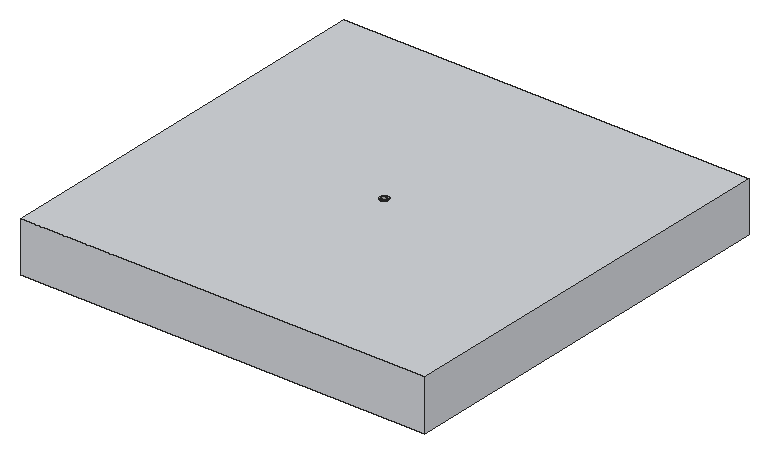
Revit family "Detector-DETECT-X_-P.v2", category Equipos especializados, Revit 2018
Family settings
  Anfitrión = Cara
  Cota de conector redondo = Diámetro de uso
  Tipo de pieza = Normal
  Corte con vacíos al cargar = No
  Compartido = No
  Punto de cálculo de habitación = No
Parameters (values of type "ZN1IO-DETECT-X")
  Width = 3 mm  # constant formula
  Weight = "25g"  # constant formula
  URL = "http://www.zennio.com/en"
  Storage temperature = "-20ºC to +70ºC"  # constant formula
  Storage humidity = if(Constraints = 0, "3 to 95% RH (no condensation)", "30 to 85% RH (no condensation)")  # "30 to 85% RH (no condensation)"
  Radius = 24.5 mm  # constant formula
  Product Page URL = "http://www.zennio.com/products/sensors/motion-detector-x"
  PCB CTI index = "175 V"  # constant formula
  Operating temperature = "0ºC to +55ºC"  # constant formula
  Operating humidity = if(Constraints = 0, "3 to 95% RH (no condensation)", "30 to 85% RH (no condensation)")  # "30 to 85% RH (no condensation)"
  Modelo = if(Constraints = 0, "ZN1IO-DETECT-P", "ZN1IO-DETECT-X")  # "ZN1IO-DETECT-X"
  Max cable length = "30 meters (Zennio device inputs specification. Look up compatible devices)"  # constant formula
  Manufacturer Phone Number = "+34 925 232 002"  # constant formula
  Manufacturer Email = "info@zennio.com"  # constant formula
  Manufacturer Address = "C/ Río Jarama, 132. Nave P-8.11. 45007 Toledo. España"  # constant formula
  Luminosity range = if(Constraints = 0, "TBD", "Not available")  # "Not available"
  Lens_radius = 10.3 mm  # constant formula
  Lens material = PE-HD_lens
  Internal_radius = 17.5 mm  # constant formula
  Housing material = PC/ABS FR V0 halogen free - Silver
  Fabricante = "Zennio Avance y Tecnología, S.L."  # constant formula
  External power supply = "Provide by the external device through the common terminal"  # constant formula
  Default Elevation = 1219.2 mm
  Detection_distance_Y_Height_5m = if(Constraints = 0, 11600 mm, 10360 mm)  # 10360 mm
  Detection_distance_Y_Height_2.7m = if(Constraints = 0, 6260 mm, 5590 mm)  # 5590 mm
  Detection_distance_X_Height_5m = if(Constraints = 0, 13800 mm, 12350 mm)  # 12350 mm
  Detection_distance_X_Height_2.7m = if(Constraints = 0, 7450 mm, 6670 mm)  # 6670 mm
  Detection angle axe Y = if(Constraints = 0, 46.30°, 46.00°)  # 46.00°
  Detection angle axe X = if(Constraints = 0, 51.30°, 51.00°)  # 51.00°
  Descripción = if(Constraints = 0, "Motion detector with luminosity sensor", "Motion detector")  # "Motion detector"
  Depth = 17 mm  # constant formula
  Degree of protection = "IP 20, clean environment"  # constant formula
  Copyright = "© 2017 Zennio Avance y Tecnología, S.L."  # constant formula
  Consumption (stand-by) = "15μA "  # constant formula
  Consumption (detecting status) = "1mA"  # constant formula
  Constraints = 1
  Connection type = "Screw terminal clamp"  # constant formula
  Cable section = "0.15mm² to 1 mm² (Zennio device inputs specification. Look up compatible devices)"  # constant formula
Types (3, lengths in mm): name | Storage humidity | Product Page URL | Operating humidity | Modelo | Luminosity range | Detection_distance_Y_Height_5m | Detection_distance_Y_Height_2.7m | Detection_distance_X_Height_5m | Detection_distance_X_Height_2.7m | Detection angle axe Y | Detection angle axe X | Descripción | Constraints
  (no name) | "30 to 85% RH (no condensation)" | "http://www.zennio.com/products/sensors/motion-detector-x" | "30 to 85% RH (no condensation)" | "ZN1IO-DETECT-X" | "Not available" | 10360 | 5590 | 12350 | 6670 | 46.00° | 51.00° | "Motion detector" | 1
  ZN1IO-DETECT-X | "30 to 85% RH (no condensation)" | "http://www.zennio.com/products/sensors/motion-detector-x" | "30 to 85% RH (no condensation)" | "ZN1IO-DETECT-X" | "Not available" | 10360 | 5590 | 12350 | 6670 | 46.00° | 51.00° | "Motion detector" | 1
  ZN1IO-DETECT-P | "3 to 95% RH (no condensation)" | "http://www.zennio.com/products/sensors/motion-detector" | "3 to 95% RH (no condensation)" | "ZN1IO-DETECT-P" | "TBD" | 11600 | 6260 | 13800 | 7450 | 46.30° | 51.30° | "Motion detector with luminosity sensor" | 0
Reference planes
  plane 1 "Centro (Frontal/Posterior)": y = 0
  plane 2: z = 0
  plane 3 "Centro (Izquierda/Derecha)": x = 0
  plane 4 "body center": x = -10.346
  plane 5 "sup body": z = 1.265
  plane 6 "inf body": z = 2.928
  plane 7 "lens_ref": z = 2.928
  plane 8: z = 1.265
  plane 9: z = 0
  plane 10: z = -17
  plane 11: x = -24.5
  plane 12 "lens": x = 10.3
  plane 13: z = -58.037
  plane 14 "LED": x = -13.349
  plane 15 "LED_center": x = -10.782
  plane 16 "internal_radius": x = 17.5
Forms (mm)
  Extrusion 1, solid
    sketch origin (0, 0, 0) x (1, 0, 0) y (0, 1, 0)
      loop
        line (-1219.2, 1219.2) -> (-1219.2, -1219.2) -> (1219.2, -1219.2) -> (1219.2, 1219.2) -> (-1219.2, 1219.2)
    from 0 to -304.8
  Revolve 2, solid, material "PC/ABS FR V0 halogen free - Silver" <- "Housing material"
    sketch origin (-199.03, 0, 232.437) x (1, 0, 0) y (0, 0, -1)
      loop
        line (199.03, 232.437) -> (174.541, 232.437) -> (174.541, 231.172)
        arc (174.541, 231.172) -> (181.564, 229.926) -> (188.684, 229.509) r 60.965
        line (188.684, 229.509) -> (199.03, 229.509) -> (199.03, 232.437)
      axis (199.03, 229.509) -> (199.03, 232.437)
    angle from 0 to 360
  Revolve 3, solid, material "PE-HD_lens" <- "Lens material", detail levels fine
    sketch origin (-199.077, -8.35, 232.528) x (1, 0, 0) y (0, 0, -1)
      loop
        line (188.295, 229.514) -> (188.295, 231.263) -> (185.728, 231.263) -> (185.728, 229.6)
        arc (185.728, 229.6) -> (187.011, 229.543) -> (188.295, 229.514) r 60.843
      axis (188.297, 231.263) -> (188.297, 229.514)
    angle from 0 to 360
  Extrusion 4, solid, material "PC/ABS FR V0 halogen free - Silver" <- "Housing material"
    sketch origin (0, 0, 0) x (1, 0, 0) y (0, 1, 0)
      loop
        circle (0, 0) r 17.5
    from -17 to 0
  Revolve 5, solid, material "PE-HD_lens" <- "Lens material"
    sketch origin (0, 0, 0) x (1, 0, 0) y (0, 0, 1)
      loop
        arc (10.3, 2.928) -> (6.454, 8.545) -> (0, 10.708) r 10.708
        line (0, 10.708) -> (0, 2.928) -> (10.3, 2.928)
      axis (0, 10.708) -> (0, 2.928)
    angle from 0 to 360
Lines and regions (mm)
  reference lines
    curve 1: circle (0, 0, 0) r 10.3 normal (0, 0, 1)
    curve 2: circle (0, 0, 0) r 17.5 normal (0, 0, 1)
    curve 3: circle (0, 0, 0) r 24.5 normal (0, 0, 1)
Dimensions and locks
  plane 4 "body center" to plane 3 "Centro (Izquierda/Derecha)" = 10.346 mm
  "Radius": plane 11 to plane 3 "Centro (Izquierda/Derecha)"  (x2)
  "Lens_radius": plane 3 "Centro (Izquierda/Derecha)" to plane 12 "lens"  (x2)
  locked: plane 14 "LED" to plane 15 "LED_center" at 2.567
  locked: plane 15 "LED_center" to plane 3 "Centro (Izquierda/Derecha)" at 10.782  (x2)
  "Depth": Extrusion 1 to plane 10
  locked: plane 7 "lens_ref" to Extrusion 1 at 2.928
  "Internal_radius": plane 16 "internal_radius" to plane 3 "Centro (Izquierda/Derecha)"
  plane 14 "LED" to plane 15 "LED_center" = 2.567 mm
  locked: plane 8 to plane 10 at 18.265
  Revolve 5 sketch curve to Revolve 5 sketch curve = 10.3 mm
  "Internal_radius": radius of Extrusion 4 sketch curve
  radius of Revolve 3 = 2.569 mm
  "Lens_radius": radius of curve 1
  "Internal_radius": radius of curve 2
  "Radius": radius of curve 3
  aligned and locked: plane 2 to Extrusion 1
  aligned and locked: level to Extrusion 1
  aligned and locked: Revolve 2 sketch curve to plane 6 "inf body"
  aligned and locked: plane 4 "body center" to Revolve 2 sketch curve
  aligned and locked: plane 3 "Centro (Izquierda/Derecha)" to Extrusion 4 sketch curve
  aligned and locked: plane 1 "Centro (Frontal/Posterior)" to Extrusion 4 sketch curve
  aligned and locked: plane 11 to Revolve 2 sketch curve
  aligned and locked: plane 3 "Centro (Izquierda/Derecha)" to Revolve 2 sketch curve
  aligned and locked: plane 13 to Revolve 2 sketch curve
  aligned and locked: Revolve 2 sketch curve to plane 2
  aligned and locked: Extrusion 4 to plane 10
  aligned and locked: plane 2 to Extrusion 4
  aligned and locked: plane 7 "lens_ref" to Revolve 3 sketch curve
  aligned and locked: plane 14 "LED" to Revolve 3 sketch curve
  aligned and locked: Revolve 3 sketch curve to plane 15 "LED_center"
  aligned and locked: Revolve 3 sketch curve to plane 8
  aligned and locked: plane 12 "lens" to Revolve 5 sketch curve
  aligned and locked: plane 3 "Centro (Izquierda/Derecha)" to Revolve 5 sketch curve
  aligned and locked: Revolve 5 sketch curve to plane 7 "lens_ref"
  aligned and locked: Revolve 5 sketch curve to plane 3 "Centro (Izquierda/Derecha)"
Automatic sketch dimensions
  Extrusion 1 sketch curve to Extrusion 1 sketch curve = 2438.4 mm  (x2)
  Revolve 3 sketch curve to plane 3 "Centro (Izquierda/Derecha)" = 10.048 mm
  Revolve 3 sketch curve to Revolve 3 sketch curve = 1.748 mm
  Revolve 3 sketch curve to Revolve 3 sketch curve = 0.002 mm
  Revolve 3 sketch curve to Revolve 3 sketch curve = 0 mm
  Revolve 3 sketch curve to Revolve 3 sketch curve = 0.09 mm
  Revolve 2 sketch curve to plane 3 "Centro (Izquierda/Derecha)" = 0 mm
  plane 6 "inf body" to Revolve 2 sketch curve = 4.164 mm
  Revolve 2 sketch curve to level = 4.361 mm
  Revolve 2 sketch curve to plane 5 "sup body" = 0 mm
  Revolve 5 sketch curve to level = 0 mm
  Revolve 5 sketch curve to plane 7 "lens_ref" = 0 mm
  Revolve 5 sketch curve to Revolve 5 sketch curve = 7.22 mm
  curve 1 to curve 3 = 0 mm  (x2)
  curve 2 to curve 3 = 0 mm  (x2)
  plane 1 "Centro (Frontal/Posterior)" to curve 3 = 0 mm
  curve 3 to plane 3 "Centro (Izquierda/Derecha)" = 0 mm
Connectors
  electrical at (0, 0, 0)
    settings: on Extrusion 1, index 1, voltage 0 V, apparent load 0 VA, apparent load phase1 0 VA, apparent load phase2 0 VA, apparent load phase3 0 VA, power factor 1, load classification "Otro", number of poles 1, system type 14, power factor state 1, is connector primary yes, connector utility no, sub classification motor no, connector description ""
